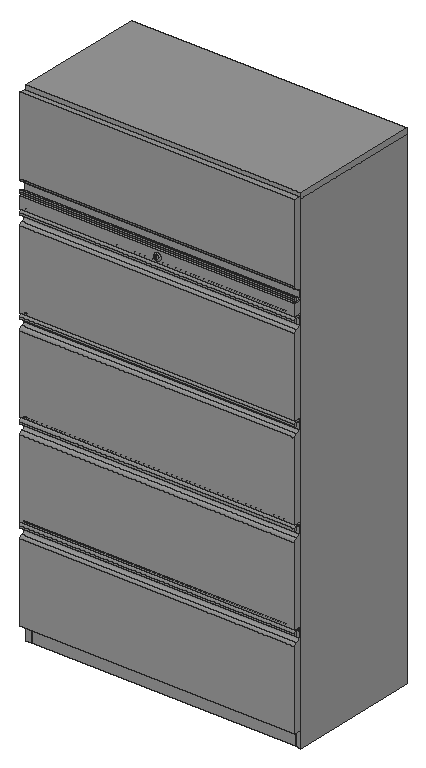
Revit family "ST.FO.LF.RS.4DR.361866 Folio Lateral File & Shelf Cabinet", category Generic Models, Revit 2018
Family settings
  Can host rebar = No
  Round Connector Dimension = Use Diameter
  Part Type = Normal
  Work Plane-Based = No
  Always vertical = Yes
  Cut with Voids When Loaded = No
  Shared = No
  Room Calculation Point = No
Parameters
  Surface = ST.FO.LF.RS.4DR.361866 Folio Lateral File/Shelf Surface
Reference planes (in)
  plane 1 "Center (Front/Back)": y = 0
  plane 2: z = 0
  plane 3 "Center (Left/Right)": x = 0
Forms (in)
  Extrusion 1, solid, material "ST.FO.LF.RS.4DR.361866 Folio Lateral File/Shelf Surface" <- "Surface"
    sketch origin (0, 0, 0) x (0, 1, 0) y (0, 0, 1)
      loop
        line (-9.1055, 50.80772) -> (-9.1055, 50.55048) -> (-9.0696, 50.55048) -> (-9.0696, 50.80772)
        arc (-9.0696, 50.80772) -> (-8.74025, 51.13708) -> (-8.4109, 50.80772) r 0.32935
        line (-8.4109, 50.80772) -> (-8.4109, 49.97798)
        arc (-8.4109, 49.97798) -> (-8.51505, 49.72653) -> (-8.7665, 49.62237) r 0.3556
        arc (-8.7665, 49.62237) -> (-9.02, 49.51737) -> (-9.125, 49.26388) r 0.3585
        line (-9.125, 49.26388) -> (-9.125, 39.076) -> (-8.375, 39.076) -> (-8.375, 50.80772)
        arc (-8.375, 50.80772) -> (-8.74025, 51.17298) -> (-9.1055, 50.80772) r 0.36525
    from -18 to 18
  Extrusion 2, solid, material "ST.FO.LF.RS.4DR.361866 Folio Lateral File/Shelf Surface" <- "Surface"
    sketch origin (0, 0, -10.782) x (0, 1, 0) y (0, 0, 1)
      loop
        line (-9.1055, 49.36772) -> (-9.1055, 49.11048) -> (-9.0696, 49.11048) -> (-9.0696, 49.36772)
        arc (-9.0696, 49.36772) -> (-8.74025, 49.69708) -> (-8.4109, 49.36772) r 0.32935
        line (-8.4109, 49.36772) -> (-8.4109, 48.53798)
        arc (-8.4109, 48.53798) -> (-8.51505, 48.28653) -> (-8.7665, 48.18237) r 0.3556
        arc (-8.7665, 48.18237) -> (-9.02, 48.07737) -> (-9.125, 47.82388) r 0.3585
        line (-9.125, 47.82388) -> (-9.125, 37.636) -> (-8.375, 37.636) -> (-8.375, 49.36772)
        arc (-8.375, 49.36772) -> (-8.74025, 49.73298) -> (-9.1055, 49.36772) r 0.36525
    from -18 to 18
  Extrusion 3, solid, material "ST.FO.LF.RS.4DR.361866 Folio Lateral File/Shelf Surface" <- "Surface"
    sketch origin (0, 0, -23.477) x (0, 1, 0) y (0, 0, 1)
      loop
        line (-9.1055, 49.84072) -> (-9.1055, 49.58348) -> (-9.0696, 49.58348) -> (-9.0696, 49.84072)
        arc (-9.0696, 49.84072) -> (-8.74025, 50.17008) -> (-8.4109, 49.84072) r 0.32935
        line (-8.4109, 49.84072) -> (-8.4109, 49.01098)
        arc (-8.4109, 49.01098) -> (-8.51505, 48.75953) -> (-8.7665, 48.65537) r 0.3556
        arc (-8.7665, 48.65537) -> (-9.02, 48.55037) -> (-9.125, 48.29688) r 0.3585
        line (-9.125, 48.29688) -> (-9.125, 38.109) -> (-8.375, 38.109) -> (-8.375, 49.84072)
        arc (-8.375, 49.84072) -> (-8.74025, 50.20598) -> (-9.1055, 49.84072) r 0.36525
    from -18 to 18
  Extrusion 4, solid, material "ST.FO.LF.RS.4DR.361866 Folio Lateral File/Shelf Surface" <- "Surface"
    sketch origin (0, 0, -35.216) x (0, 1, 0) y (0, 0, 1)
      loop
        line (-9.1055, 49.35772) -> (-9.1055, 49.10048) -> (-9.0696, 49.10048) -> (-9.0696, 49.35772)
        arc (-9.0696, 49.35772) -> (-8.74025, 49.68708) -> (-8.4109, 49.35772) r 0.32935
        line (-8.4109, 49.35772) -> (-8.4109, 48.52798)
        arc (-8.4109, 48.52798) -> (-8.51505, 48.27653) -> (-8.7665, 48.17237) r 0.3556
        arc (-8.7665, 48.17237) -> (-9.02, 48.06737) -> (-9.125, 47.81388) r 0.3585
        line (-9.125, 47.81388) -> (-9.125, 37.636) -> (-8.375, 37.636) -> (-8.375, 49.35772)
        arc (-8.375, 49.35772) -> (-8.74025, 49.72298) -> (-9.1055, 49.35772) r 0.36525
    from -18 to 18
  Extrusion 5, solid, material "ST.FO.LF.RS.4DR.361866 Folio Lateral File/Shelf Surface" <- "Surface"
    sketch origin (0, 0, 0) x (0, 1, 0) y (0, 0, 1)
      loop
        line (8.375, 2.75) -> (-8.125, 2.75) -> (-8.125, 0.25) -> (-7.375, 0.25) -> (-7.375, 2) -> (8.375, 2) -> (8.375, 2.75)
    from -17.25 to 17.25
  Extrusion 6, solid, material "ST.FO.LF.RS.4DR.361866 Folio Lateral File/Shelf Surface" <- "Surface"
    sketch origin (-3, 0, 0) x (0, 1, 0) y (0, 0, -1)
      loop
        line (-8.125, -0.25) -> (-8.125, -64.61935) -> (9.125, -64.61935) -> (9.125, -0.25) -> (-8.125, -0.25)
    from 14.25 to 15
  Extrusion 7, solid, material "ST.FO.LF.RS.4DR.361866 Folio Lateral File/Shelf Surface" <- "Surface"
    sketch origin (0, 0, 0) x (0, 1, 0) y (0, 0, 1)
      loop
        line (8.375, 64.61935) -> (8.375, 0.25) -> (9.125, 0.25) -> (9.125, 64.61935) -> (8.375, 64.61935)
    from -17.25 to 17.25
  Extrusion 8, solid, material "ST.FO.LF.RS.4DR.361866 Folio Lateral File/Shelf Surface" <- "Surface"
    sketch origin (0, 0, 1.89035) x (0, 1, 0) y (0, 0, 1)
      loop
        line (-8.125, 50.875) -> (-9.125, 50.875) -> (-9.125, 49.375) -> (-8.125, 49.375) -> (-8.125, 50.875)
    from -18 to 18
  Revolve 9, solid, material "Folio Glides"
    sketch origin (0, 0, 1.89035) x (0, 1, 0) y (0, 0, 1)
      loop
        arc (-9.125, 50.56261) -> (-9.20156, 50.53665) -> (-9.24581, 50.469) r 0.12389
        line (-9.24581, 50.469) -> (-9.24581, 50.125) -> (-9.125, 50.125) -> (-9.125, 50.56261)
      axis (-9.24581, 50.125) -> (-9.125, 50.125)
    angle from 0 to 360
  Extrusion 10, void
    sketch origin (0, 0, 1.89035) x (1, 0, 0) y (0, 0, 1)
      loop
        line (-0.0625, 50.408) -> (-0.0625, 49.842) -> (0.0625, 49.842) -> (0.0625, 50.408) -> (-0.0625, 50.408)
    from 9.125 to 9.40721
  Revolve 11, solid, material "Folio Glides"
    sketch origin (-3, -6.6869, 0) x (1, 0, 0) y (0, 0, 1)
      loop
        line (-13.56312, 1.18177) -> (-13.56312, 0) -> (-13.2343, 0)
        arc (-13.2343, 0) -> (-13.21728, 0.0077) -> (-13.21586, 0.02633) r 0.01832
        line (-13.21586, 0.02633) -> (-13.37703, 0.1875) -> (-13.43902, 0.1875) -> (-13.43902, 1.18177) -> (-13.56312, 1.18177)
      axis (-13.56312, 1.18177) -> (-13.56312, 0)
    angle from 0 to 360
  Extrusion 12, solid, material "Folio Glides"
    sketch origin (-3, 0, 0) x (1, 0, 0) y (0, 1, 0)
      loop
        line (-12.1875, -7.375) -> (-14.25, -5.3125) -> (-14.25, -7.375) -> (-12.1875, -7.375)
    from 0.25 to 0.3125
  Revolve 13, solid, material "Folio Glides"
    sketch origin (-3, 7.6869, 0) x (1, 0, 0) y (0, 0, -1)
      loop
        line (-13.56312, -1.18177) -> (-13.43902, -1.18177) -> (-13.43902, -0.1875) -> (-13.37703, -0.1875) -> (-13.21586, -0.02633)
        arc (-13.21586, -0.02633) -> (-13.21728, -0.0077) -> (-13.2343, 0) r 0.01832
        line (-13.2343, 0) -> (-13.56312, 0) -> (-13.56312, -1.18177)
      axis (-13.56312, -1.18177) -> (-13.56312, 0)
    angle from 0 to 360
  Extrusion 14, solid, material "Folio Glides"
    sketch origin (-3, 1, 0) x (1, 0, 0) y (0, 1, 0)
      loop
        line (-12.1875, 7.375) -> (-14.25, 7.375) -> (-14.25, 5.3125) -> (-12.1875, 7.375)
    from 0.25 to 0.3125
  Extrusion 15, solid, material "ST.FO.LF.RS.4DR.361866 Folio Lateral File/Shelf Surface" <- "Surface"
    sketch origin (0, 0, 1.28135) x (1, 0, 0) y (0, 0, 1)
      loop
        line (-16.625, 47.347) -> (-16.75, 47.347) -> (-16.75, 38.949) -> (-16.625, 38.949) -> (-16.625, 39.574) -> (16.625, 39.574) -> (16.625, 38.949) -> (16.75, 38.949) -> (16.75, 47.347) -> (16.625, 47.347) -> (16.625, 39.699) -> (-16.625, 39.699) -> (-16.625, 47.347)
    from -3.5 to 8.375
  Extrusion 16, solid, material "ST.FO.LF.RS.4DR.361866 Folio Lateral File/Shelf Surface" <- "Surface"
    sketch origin (0, 0, 1.28135) x (1, 0, 0) y (0, 0, 1)
      loop
        line (-16.625, 47.347) -> (-16.625, 38.949) -> (16.75, 38.949) -> (16.75, 47.347) -> (-16.625, 47.347)
    from -3.625 to -3.5
  Extrusion 17, solid, material "ST.FO.LF.RS.4DR.361866 Folio Lateral File/Shelf Surface" <- "Surface"
    sketch origin (0, -11.875, 1.28135) x (1, 0, 0) y (0, 0, 1)
      loop
        line (-16.75, 47.347) -> (-16.75, 38.949) -> (16.75, 38.949) -> (16.75, 47.347) -> (-16.75, 47.347)
    from -3.75 to -3.5
  Extrusion 18, solid, material "ST.FO.LF.RS.4DR.361866 Folio Lateral File/Shelf Surface" <- "Surface"
    sketch origin (0, 0, 104.03535) x (0, 1, 0) y (0, 0, 1)
      loop
        arc (-9.1055, -50.80772) -> (-8.74025, -51.17298) -> (-8.375, -50.80772) r 0.36525
        line (-8.375, -50.80772) -> (-8.375, -39.076) -> (-9.125, -39.076) -> (-9.125, -49.26388)
        arc (-9.125, -49.26388) -> (-9.02, -49.51737) -> (-8.7665, -49.62237) r 0.3585
        arc (-8.7665, -49.62237) -> (-8.51505, -49.72653) -> (-8.4109, -49.97798) r 0.3556
        line (-8.4109, -49.97798) -> (-8.4109, -50.80772)
        arc (-8.4109, -50.80772) -> (-8.74025, -51.13708) -> (-9.0696, -50.80772) r 0.32935
        line (-9.0696, -50.80772) -> (-9.0696, -50.55048) -> (-9.1055, -50.55048) -> (-9.1055, -50.80772)
    from -18 to 18
  Extrusion 19, solid, material "ST.FO.LF.RS.4DR.361866 Folio Lateral File/Shelf Surface" <- "Surface"
    sketch origin (0, 0, 50.01535) x (0, 1, 0) y (0, 0, 1)
      loop
        line (8.375, 2.75) -> (-8.125, 2.75) -> (-8.125, 2) -> (8.375, 2) -> (8.375, 2.75)
    from -17.25 to 17.25
  Extrusion 20, solid, material "ST.FO.LF.RS.4DR.361866 Folio Lateral File/Shelf Surface" <- "Surface"
    sketch origin (0, 0, 62.61935) x (0, 1, 0) y (0, 0, 1)
      loop
        line (9.125, 2.75) -> (-8.125, 2.75) -> (-8.125, 2) -> (9.125, 2) -> (9.125, 2.75)
    from -18 to 18
  Extrusion 21, solid, material "ST.FO.LF.RS.4DR.361866 Folio Lateral File/Shelf Surface" <- "Surface"
    sketch origin (3, 0, 0) x (0, 1, 0) y (0, 0, 1)
      loop
        line (-8.125, 0.25) -> (9.125, 0.25) -> (9.125, 64.61935) -> (-8.125, 64.61935) -> (-8.125, 0.25)
    from 14.25 to 15
  Revolve 22, solid, material "Folio Glides"
    sketch origin (3, -6.6869, 0) x (-1, 0, 0) y (0, 0, -1)
      loop
        line (-13.56312, -1.18177) -> (-13.43902, -1.18177) -> (-13.43902, -0.1875) -> (-13.37703, -0.1875) -> (-13.21586, -0.02633)
        arc (-13.21586, -0.02633) -> (-13.21728, -0.0077) -> (-13.2343, 0) r 0.01832
        line (-13.2343, 0) -> (-13.56312, 0) -> (-13.56312, -1.18177)
      axis (-13.56312, -1.18177) -> (-13.56312, 0)
    angle from 0 to 360
  Extrusion 23, solid, material "Folio Glides"
    sketch origin (3, 0, 0) x (-1, 0, 0) y (0, -1, 0)
      loop
        line (-12.1875, 7.375) -> (-14.25, 7.375) -> (-14.25, 5.3125) -> (-12.1875, 7.375)
    from 0.25 to 0.3125
  Revolve 24, solid, material "Folio Glides"
    sketch origin (3, 7.6869, 0) x (-1, 0, 0) y (0, 0, 1)
      loop
        line (-13.56312, 1.18177) -> (-13.56312, 0) -> (-13.2343, 0)
        arc (-13.2343, 0) -> (-13.21728, 0.0077) -> (-13.21586, 0.02633) r 0.01832
        line (-13.21586, 0.02633) -> (-13.37703, 0.1875) -> (-13.43902, 0.1875) -> (-13.43902, 1.18177) -> (-13.56312, 1.18177)
      axis (-13.56312, 1.18177) -> (-13.56312, 0)
    angle from 0 to 360
  Extrusion 25, solid, material "Folio Glides"
    sketch origin (3, 1, 0) x (-1, 0, 0) y (0, -1, 0)
      loop
        line (-12.1875, -7.375) -> (-14.25, -5.3125) -> (-14.25, -7.375) -> (-12.1875, -7.375)
    from 0.25 to 0.3125
  Extrusion 26, solid, material "ST.FO.LF.RS.4DR.361866 Folio Lateral File/Shelf Surface" <- "Surface"
    sketch origin (0, 0, -10.94065) x (1, 0, 0) y (0, 0, 1)
      loop
        line (-16.625, 47.347) -> (-16.75, 47.347) -> (-16.75, 38.949) -> (-16.625, 38.949) -> (-16.625, 39.574) -> (16.625, 39.574) -> (16.625, 38.949) -> (16.75, 38.949) -> (16.75, 47.347) -> (16.625, 47.347) -> (16.625, 39.699) -> (-16.625, 39.699) -> (-16.625, 47.347)
    from -3.5 to 8.375
  Extrusion 27, solid, material "ST.FO.LF.RS.4DR.361866 Folio Lateral File/Shelf Surface" <- "Surface"
    sketch origin (0, 0, -10.94065) x (1, 0, 0) y (0, 0, 1)
      loop
        line (-16.625, 47.347) -> (-16.625, 38.949) -> (16.75, 38.949) -> (16.75, 47.347) -> (-16.625, 47.347)
    from -3.625 to -3.5
  Extrusion 28, solid, material "ST.FO.LF.RS.4DR.361866 Folio Lateral File/Shelf Surface" <- "Surface"
    sketch origin (0, -11.875, -10.94065) x (1, 0, 0) y (0, 0, 1)
      loop
        line (-16.75, 47.347) -> (-16.75, 38.949) -> (16.75, 38.949) -> (16.75, 47.347) -> (-16.75, 47.347)
    from -3.75 to -3.5
  Extrusion 29, solid, material "ST.FO.LF.RS.4DR.361866 Folio Lateral File/Shelf Surface" <- "Surface"
    sketch origin (0, 0, -23.16265) x (1, 0, 0) y (0, 0, 1)
      loop
        line (-16.625, 47.347) -> (-16.75, 47.347) -> (-16.75, 38.949) -> (-16.625, 38.949) -> (-16.625, 39.574) -> (16.625, 39.574) -> (16.625, 38.949) -> (16.75, 38.949) -> (16.75, 47.347) -> (16.625, 47.347) -> (16.625, 39.699) -> (-16.625, 39.699) -> (-16.625, 47.347)
    from -3.5 to 8.375
  Extrusion 30, solid, material "ST.FO.LF.RS.4DR.361866 Folio Lateral File/Shelf Surface" <- "Surface"
    sketch origin (0, 0, -23.16265) x (1, 0, 0) y (0, 0, 1)
      loop
        line (-16.625, 47.347) -> (-16.625, 38.949) -> (16.75, 38.949) -> (16.75, 47.347) -> (-16.625, 47.347)
    from -3.625 to -3.5
  Extrusion 31, solid, material "ST.FO.LF.RS.4DR.361866 Folio Lateral File/Shelf Surface" <- "Surface"
    sketch origin (0, -11.875, -23.16265) x (1, 0, 0) y (0, 0, 1)
      loop
        line (-16.75, 47.347) -> (-16.75, 38.949) -> (16.75, 38.949) -> (16.75, 47.347) -> (-16.75, 47.347)
    from -3.75 to -3.5
  Extrusion 32, solid, material "ST.FO.LF.RS.4DR.361866 Folio Lateral File/Shelf Surface" <- "Surface"
    sketch origin (0, 0, -35.38465) x (1, 0, 0) y (0, 0, 1)
      loop
        line (-16.625, 47.347) -> (-16.75, 47.347) -> (-16.75, 38.949) -> (-16.625, 38.949) -> (-16.625, 39.574) -> (16.625, 39.574) -> (16.625, 38.949) -> (16.75, 38.949) -> (16.75, 47.347) -> (16.625, 47.347) -> (16.625, 39.699) -> (-16.625, 39.699) -> (-16.625, 47.347)
    from -3.5 to 8.375
  Extrusion 33, solid, material "ST.FO.LF.RS.4DR.361866 Folio Lateral File/Shelf Surface" <- "Surface"
    sketch origin (0, 0, -35.38465) x (1, 0, 0) y (0, 0, 1)
      loop
        line (-16.625, 47.347) -> (-16.625, 38.949) -> (16.75, 38.949) -> (16.75, 47.347) -> (-16.625, 47.347)
    from -3.625 to -3.5
  Extrusion 34, solid, material "ST.FO.LF.RS.4DR.361866 Folio Lateral File/Shelf Surface" <- "Surface"
    sketch origin (0, -11.875, -35.38465) x (1, 0, 0) y (0, 0, 1)
      loop
        line (-16.75, 47.347) -> (-16.75, 38.949) -> (16.75, 38.949) -> (16.75, 47.347) -> (-16.75, 47.347)
    from -3.75 to -3.5
Cuts and joins
  Extrusion 10 cuts Extrusion 8
  Extrusion 10 cuts Revolve 9
Dimensions and locks (in)
  aligned and locked: plane 2 to level
